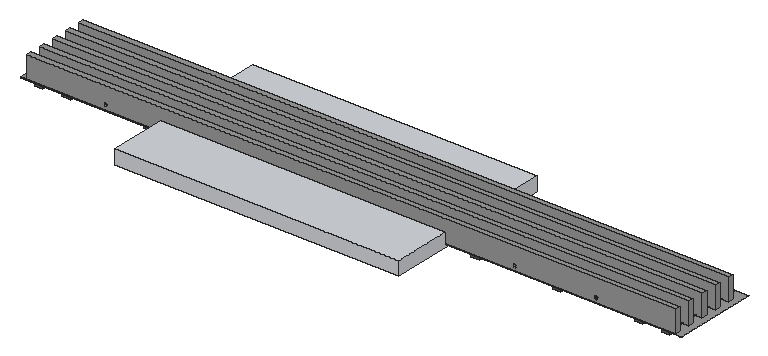
Revit family "1414-5, Veneer", category Generic Models, host Face, Revit 2020
Family settings
  Host = Face
  Can host rebar = No
  Round Connector Dimension = Use Diameter
  Part Type = Normal
  Cut with Voids When Loaded = No
  Shared = No
  Room Calculation Point = No
Parameters
  min_value [instance] = 2' - 4"  # constant formula
  max_value [instance] = 9' - 11 1/4"  # constant formula
  actual_value [instance] = if(NET LENGTH < min_value, min_value, if(NET LENGTH > max_value, max_value, NET LENGTH))  # 7' - 11 1/4"
  SCRIM MATERIAL [instance] = SCRIM
  SCRIM APPEARANCE [instance] = yes
  NET LENGTH [instance] = 7' - 11 1/4"
  IMPORTANT NOTE!!!                                                                             *Backer & dowel layout is for visualization purposes only, final layout to be determined by 9Wood. [instance] = ""
  Default Elevation = 4' - 0"
  DOWEL RADIUS [instance] = 0' - 0 1/4"  # constant formula
  BACKER & DOWEL MATERIAL [instance] = BLACK-BACKERS
  .. MEMBER WIDTH [instance] = 0' - 0 3/4"  # constant formula
  .. MEMBER MATERIAL [instance] = Veneer Cherry
  .. MEMBER DEPTH [instance] = 0' - 3 1/4"  # constant formula
  .. MEMBER COUNT [instance] = 5  # constant formula
Reference planes (in)
  plane 1 "Center (Front/Back)": y = 0
  plane 2: z = 0
  plane 3 "Center (Left/Right)": x = 0
Forms (in)
  Extrusion 1, solid
    sketch origin (0, 0, 0) x (1, 0, 0) y (0, 1, 0)
      loop
        line (-24.24823, 14.63962) -> (-24.24823, -10.69266) -> (17.36192, -10.69266) -> (17.36192, 14.63962) -> (-24.24823, 14.63962)
    from 0 to 2.0625
Dimensions and locks (in)
  aligned and locked: plane 2 to Extrusion 1
Nested families (in)
  nested 1: "1400 series" at (-44.01308, -2.1224, 0.00189), NET LENGTH <- "actual_value", .. MEMBER DEPTH <- ".. MEMBER DEPTH", .. MEMBER WIDTH <- ".. MEMBER WIDTH", DOWEL RADIUS <- "DOWEL RADIUS", BACKER & DOWEL MATERIAL <- "BACKER & DOWEL MATERIAL", .. MEMBER MATERIAL <- ".. MEMBER MATERIAL", SCRIM MATERIAL <- "SCRIM MATERIAL", MEMBER COUNT <- ".. MEMBER COUNT", SCRIM APPEARANCE <- "SCRIM APPEARANCE", type "1400 series"
    with X 7' - 8", SCRIM MATERIAL SCRIM, SCRIM LENGTH 8' - 1", SCRIM APPEARANCE yes, SCRIM 2 0' - 0 7/8", SCRIM 1 0' - 0 3/32", OC TYP 1' - 0", NET LENGTH 7' - 11 1/4", N 8, MEMBER COUNT 5, INSET 2 0' - 0 3/16", INSET 0' - 1", HALF MEMBER WIDTH 0' - 0 3/8", END BACKER yes, DOWEL RADIUS 0' - 0 1/4", DOWEL INDEX 0' - 11 5/8", DOWEL COUNT 7, BACKING M COUNT 8, BACKER WIDTH 0' - 1 1/4", BACKER INDEX 0' - 5 5/8", BACKER DEPTH 0' - 0 1/2", BACKER & DOWEL MATERIAL BLACK-BACKERS, BACKER &  DOWEL LENGTH 0' - 11 7/8", .. MEMBER WIDTH 0' - 0 3/4", .. MEMBER OC TYP 0' - 2.4", .. MEMBER MATERIAL Veneer Cherry, .. MEMBER DEPTH 0' - 3 1/4"
Definition of nested family "1400 series"
  Parameters (values of type "1400 series")
    X [instance] = NET LENGTH - 0' 3 1/4"  # 7' - 2"
    SCRIM MATERIAL [instance] = none
    SCRIM APPEARANCE [instance] = yes
    SCRIM 2 [instance] = 0' - 0 7/8"  # constant formula
    SCRIM 1 [instance] = 0' - 0 3/32"  # constant formula
    OC TYP [instance] = 1' - 0"  # constant formula
    N [instance] = if((X - (rounddown(X / 1' 0") * 1' 0")) > 1' 0", rounddown(X / 1' 0") + 2, rounddown(X / 1' 0") + 1)  # 8
    MEMBER COUNT [instance] = 2
    INSET 5 = 0' - 0 11/16"  # constant formula
    INSET 2 [instance] = 0' - 0 3/16"  # constant formula
    INSET [instance] = 0' - 1"  # constant formula
    END BACKER [instance] = BACKER INDEX > 0' 3 5/8"  # no
    HALF MEMBER WIDTH [instance] = .. MEMBER WIDTH / 2  # 0' - 1 1/8"
    Default Elevation = 0' - 0"
    DOWEL RADIUS [instance] = 0' - 0 1/4"
    DOWEL INDEX [instance] = BACKER INDEX + 0' 6"  # 0' - 8 5/8"
    DOWEL COUNT [instance] = N - 1  # 7
    BACKER WIDTH [instance] = 0' - 1 1/4"  # constant formula
    BACKER INDEX [instance] = (NET LENGTH - ((N - 1) * 1' 0")) / 2  # 0' - 2 5/8"
    BACKER DEPTH [instance] = 0' - 0 1/2"  # constant formula
    BACKING M COUNT [instance] = N  # 8
    BACKER & DOWEL MATERIAL [instance] = none
    BACKER &  DOWEL LENGTH [instance] = 0' - 11 7/8"  # constant formula
    SCRIM LENGTH [instance] = NET LENGTH + (SCRIM 2 * 2)  # 7' - 7"
    .. MEMBER WIDTH [instance] = 0' - 2 1/4"
    .. MEMBER OC TYP [instance] = 1' 0" / MEMBER COUNT  # 0' - 6"
    .. MEMBER MATERIAL [instance] = none
    NET LENGTH [instance] = 7' - 5 1/4"
    .. MEMBER DEPTH [instance] = 0' - 4"
  Reference planes (in)
    plane 1 "Center (Front/Back)": y = 0
    plane 2: z = 0
    plane 3 "Center (Left/Right)": x = 0
    plane 4: x = 89.25
    plane 5: x = 1
    plane 6: x = 88.25
    plane 7: x = 2.625
    plane 8: x = 8.625
    plane 9: x = 14.625
    plane 10: x = 20.625
    plane 11: y = 0.1875
    plane 12: y = 1.125
    plane 13: y = 7.125
    plane 14: y = 12.0625
    plane 15: x = 90.125
    plane 16: x = -0.875
    plane 17: y = 12.15625
    plane 18: y = -0.09375
    plane 19: z = 2.7097
    plane 20: z = 0.49811
    plane 21: z = 0.56061
    plane 22: z = 1.24811
  Lines and regions (in)
    model lines, not visible
      curve 1: line (8.625, 0, 0.99811) -> (8.625, 0, 1.49811)
      curve 2: line (8.625, 0, 1.49811) -> (8.375, 0, 1.24811)
      curve 3: line (8.375, 0, 1.24811) -> (8.875, 0, 1.24811)
      curve 4: line (20.625, 0, 0.99811) -> (20.625, 0, 1.49811)
      curve 5: line (20.625, 0, 1.49811) -> (20.375, 0, 1.24811)
      curve 6: line (20.375, 0, 1.24811) -> (20.875, 0, 1.24811)
      curve 7: line (32.625, 0, 0.99811) -> (32.625, 0, 1.49811)
      curve 8: line (32.625, 0, 1.49811) -> (32.375, 0, 1.24811)
      curve 9: line (32.375, 0, 1.24811) -> (32.875, 0, 1.24811)
      curve 10: line (44.625, 0, 0.99811) -> (44.625, 0, 1.49811)
      curve 11: line (44.625, 0, 1.49811) -> (44.375, 0, 1.24811)
      curve 12: line (44.375, 0, 1.24811) -> (44.875, 0, 1.24811)
      curve 13: line (56.625, 0, 0.99811) -> (56.625, 0, 1.49811)
      curve 14: line (56.625, 0, 1.49811) -> (56.375, 0, 1.24811)
      curve 15: line (56.375, 0, 1.24811) -> (56.875, 0, 1.24811)
      curve 16: line (68.625, 0, 0.99811) -> (68.625, 0, 1.49811)
      curve 17: line (68.625, 0, 1.49811) -> (68.375, 0, 1.24811)
      curve 18: line (68.375, 0, 1.24811) -> (68.875, 0, 1.24811)
      curve 19: line (80.625, 0, 0.99811) -> (80.625, 0, 1.49811)
      curve 20: line (80.625, 0, 1.49811) -> (80.375, 0, 1.24811)
      curve 21: line (80.375, 0, 1.24811) -> (80.875, 0, 1.24811)
  Dimensions and locks (in)
    "INSET": plane 3 "Center (Left/Right)" to plane 5
    "NET LENGTH": plane 3 "Center (Left/Right)" to plane 4
    "INSET": plane 6 to plane 4
    "BACKER INDEX": plane 3 "Center (Left/Right)" to plane 7
    "DOWEL INDEX": plane 3 "Center (Left/Right)" to plane 8
    "OC TYP": plane 7 to plane 9
    "OC TYP": plane 8 to plane 10
    "INSET 2": plane 1 "Center (Front/Back)" to plane 11
    equal spacing: group 1, group 2, group 5, group 6, group 7, group 13, group 14, group 16  (x3)
    equal spacing: group 3, group 4, group 8, group 9, group 10, group 15, group 17  (x3)
    group 11 to group 12 = 0' - 0"  (x2)
    group 11 to group 12 = 0' - 6"
    ".. MEMBER OC TYP": plane 13 to plane 12
    "HALF MEMBER WIDTH": plane 1 "Center (Front/Back)" to plane 12
    "SCRIM 2": plane 16 to plane 3 "Center (Left/Right)"
    "SCRIM 2": plane 4 to plane 15
    "SCRIM 1": plane 18 to plane 1 "Center (Front/Back)"
    "SCRIM 1": plane 17 to plane 14
    "INSET 5": plane 22 to plane 21
    aligned and locked: level to plane 2
    aligned and locked: plane 7 to nested 2
    aligned and locked: plane 5 to nested 1
    aligned and locked: plane 9 to nested 3
    aligned and locked: nested 1 to plane 5
    aligned and locked: nested 2 to plane 11
    aligned and locked: nested 1 to plane 11
    aligned and locked: nested 3 to plane 11
    aligned and locked: nested 4 to plane 11  (x2)
    aligned and locked: plane 10 to nested 5
    aligned and locked: plane 6 to nested 12
    aligned and locked: nested 5 to plane 11
    aligned and locked: plane 11 to nested 12
    aligned and locked: plane 12 to nested 13
    aligned and locked: nested 14 to plane 13
    aligned and locked: plane 14 to nested 8
    aligned and locked: plane 16 to nested 15
    aligned and locked: nested 15 to plane 18
    aligned and locked: nested 15 to plane 17
    aligned and locked: nested 15 to plane 16  (x2)
    aligned and locked: nested 1 to level
    aligned and locked: level to nested 3
    aligned and locked: plane 20 to nested 2
    aligned and locked: plane 20 to nested 1
    aligned and locked: plane 20 to nested 3
    aligned and locked: nested 12 to plane 20
    aligned and locked: nested 15 to plane 20
    aligned and locked: plane 21 to nested 15
    aligned and locked: nested 13 to plane 21
    aligned and locked: plane 22 to nested 4
    aligned and locked: plane 22 to nested 5
    aligned and locked: nested 13 to plane 8
    aligned and locked: plane 10 to nested 13
    aligned and locked: curve 1 to nested 13
    aligned and locked: nested 13 to curve 4
  Automatic sketch dimensions
    curve 3 to curve 1 = 0' - 0 1/4"  (x2)
    curve 1 to curve 3 = 0' - 0 1/4"
    curve 1 to curve 2 = 0' - 0 1/4"
    curve 6 to curve 4 = 0' - 0 1/4"  (x2)
    curve 4 to curve 6 = 0' - 0 1/4"
    curve 4 to curve 5 = 0' - 0 1/4"
    curve 9 to curve 7 = 0' - 0 1/4"  (x2)
    curve 7 to curve 9 = 0' - 0 1/4"
    curve 7 to curve 8 = 0' - 0 1/4"
    curve 12 to curve 10 = 0' - 0 1/4"  (x2)
    curve 10 to curve 12 = 0' - 0 1/4"
    curve 10 to curve 11 = 0' - 0 1/4"
    curve 15 to curve 13 = 0' - 0 1/4"  (x2)
    curve 13 to curve 15 = 0' - 0 1/4"
    curve 13 to curve 14 = 0' - 0 1/4"
    curve 18 to curve 16 = 0' - 0 1/4"  (x2)
    curve 16 to curve 18 = 0' - 0 1/4"
    curve 16 to curve 17 = 0' - 0 1/4"
    curve 21 to curve 19 = 0' - 0 1/4"  (x2)
    curve 19 to curve 21 = 0' - 0 1/4"
    curve 19 to curve 20 = 0' - 0 1/4"
  Nested families (in)
    nested 1: "INSTANCE - 3RD -  EXTEND BOTH SIDES - Parametric Cube.0001" at (1, 0.1875, 0.49811), Length <- "BACKER &  DOWEL LENGTH", Width <- "BACKER WIDTH", Height <- "BACKER DEPTH", Material <- "BACKER & DOWEL MATERIAL", visible <- "END BACKER", type "INSTANCE - 3RD -  EXTEND BOTH SIDES - Parametric Cube.0001"
      with Width 0' - 1 1/4", Material none, Length 0' - 11 7/8", Height 0' - 0 1/2"
    nested 2: "INSTANCE - 2ND -  EXTEND SIDE H CENTER W - Parametric Cube.0001" at (2.625, 0.1875, 0.49811), Width <- "BACKER WIDTH", Length <- "BACKER &  DOWEL LENGTH", Height <- "BACKER DEPTH", Material <- "BACKER & DOWEL MATERIAL", type "INSTANCE - 2ND -  EXTEND SIDE H CENTER W - Parametric Cube.0001"
      with Width 0' - 1 1/4", Material none, Length 0' - 11 7/8", Height 0' - 0 1/2"
    nested 3: "INSTANCE - 2ND -  EXTEND SIDE H CENTER W - Parametric Cube.0001" at (14.625, 0.1875, 0.49811), Width <- "BACKER WIDTH", Length <- "BACKER &  DOWEL LENGTH", Height <- "BACKER DEPTH", Material <- "BACKER & DOWEL MATERIAL", type "INSTANCE - 2ND -  EXTEND SIDE H CENTER W - Parametric Cube.0001"
      with Width 0' - 1 1/4", Material none, Length 0' - 11 7/8", Height 0' - 0 1/2"
    nested 4: "DOWEL" at (-1.375, 0.1875, 1.24811), DOWEL LENGTH <- "BACKER &  DOWEL LENGTH", DOWEL RADII <- "DOWEL RADIUS", BACKING MEM MATERIAL <- "BACKER & DOWEL MATERIAL", type "DOWEL"
      with DOWEL RADII 0' - 0 1/4", DOWEL LENGTH 0' - 11 7/8", BACKING MEM MATERIAL none
    nested 5: "DOWEL" at (10.625, 0.1875, 1.24811), DOWEL LENGTH <- "BACKER &  DOWEL LENGTH", DOWEL RADII <- "DOWEL RADIUS", BACKING MEM MATERIAL <- "BACKER & DOWEL MATERIAL", type "DOWEL"
      with DOWEL RADII 0' - 0 1/4", DOWEL LENGTH 0' - 11 7/8", BACKING MEM MATERIAL none
    nested 6: "INSTANCE - 2ND -  EXTEND SIDE H CENTER W - Parametric Cube.0001" at (26.625, 0.1875, 0.49811), Width <- "BACKER WIDTH", Length <- "BACKER &  DOWEL LENGTH", Height <- "BACKER DEPTH", Material <- "BACKER & DOWEL MATERIAL", type "INSTANCE - 2ND -  EXTEND SIDE H CENTER W - Parametric Cube.0001"
      with Width 0' - 1 1/4", Material none, Length 0' - 11 7/8", Height 0' - 0 1/2"
    nested 7: "INSTANCE - 2ND -  EXTEND SIDE H CENTER W - Parametric Cube.0001" at (38.625, 0.1875, 0.49811), Width <- "BACKER WIDTH", Length <- "BACKER &  DOWEL LENGTH", Height <- "BACKER DEPTH", Material <- "BACKER & DOWEL MATERIAL", type "INSTANCE - 2ND -  EXTEND SIDE H CENTER W - Parametric Cube.0001"
      with Width 0' - 1 1/4", Material none, Length 0' - 11 7/8", Height 0' - 0 1/2"
    nested 8: "INSTANCE - 2ND -  EXTEND SIDE H CENTER W - Parametric Cube.0001" at (50.625, 0.1875, 0.49811), Width <- "BACKER WIDTH", Length <- "BACKER &  DOWEL LENGTH", Height <- "BACKER DEPTH", Material <- "BACKER & DOWEL MATERIAL", type "INSTANCE - 2ND -  EXTEND SIDE H CENTER W - Parametric Cube.0001"
      with Width 0' - 1 1/4", Material none, Length 0' - 11 7/8", Height 0' - 0 1/2"
    nested 9: "DOWEL" at (22.625, 0.1875, 1.24811), DOWEL LENGTH <- "BACKER &  DOWEL LENGTH", DOWEL RADII <- "DOWEL RADIUS", BACKING MEM MATERIAL <- "BACKER & DOWEL MATERIAL", type "DOWEL"
      with DOWEL RADII 0' - 0 1/4", DOWEL LENGTH 0' - 11 7/8", BACKING MEM MATERIAL none
    nested 10: "DOWEL" at (34.625, 0.1875, 1.24811), DOWEL LENGTH <- "BACKER &  DOWEL LENGTH", DOWEL RADII <- "DOWEL RADIUS", BACKING MEM MATERIAL <- "BACKER & DOWEL MATERIAL", type "DOWEL"
      with DOWEL RADII 0' - 0 1/4", DOWEL LENGTH 0' - 11 7/8", BACKING MEM MATERIAL none
    nested 11: "DOWEL" at (46.625, 0.1875, 1.24811), DOWEL LENGTH <- "BACKER &  DOWEL LENGTH", DOWEL RADII <- "DOWEL RADIUS", BACKING MEM MATERIAL <- "BACKER & DOWEL MATERIAL", type "DOWEL"
      with DOWEL RADII 0' - 0 1/4", DOWEL LENGTH 0' - 11 7/8", BACKING MEM MATERIAL none
    nested 12: "INSTANCE - 3RD -  EXTEND BOTH SIDES - Parametric Cube.0001" at (88.25, 0.1875, 0.49811) x (-1, 0, 0) z (0, 0, 1), Width <- "BACKER WIDTH", Length <- "BACKER &  DOWEL LENGTH", Height <- "BACKER DEPTH", Material <- "BACKER & DOWEL MATERIAL", visible <- "END BACKER", type "INSTANCE - 3RD -  EXTEND BOTH SIDES - Parametric Cube.0001"
      with Width 0' - 1 1/4", Material none, Length 0' - 11 7/8", Height 0' - 0 1/2"
    nested 13: "HOLED MEMBER" at (0, -9.75, 8.12965), DOWEL INDEX <- "DOWEL INDEX", .. MEMBER LENGTH <- "NET LENGTH", .. MEMBER WIDTH <- ".. MEMBER WIDTH", DOWEL OC DIST <- "OC TYP", DOWEL RADII <- "DOWEL RADIUS", Material <- ".. MEMBER MATERIAL", DEPTH <- ".. MEMBER DEPTH", DOWEL COUNT <- "DOWEL COUNT", Space <- "INSET 5", type "HOLED MEMBER"
      with Space 0' - 0 11/16", Material none, Height 0' - 10.43096", HALF MEMBER WIDTH 0' - 1 1/8", DOWEL RADII 0' - 0 1/4", DOWEL OC DIST 1' - 0", DOWEL INDEX 0' - 8 5/8", DOWEL COUNT 7, DEPTH 0' - 4", .. MEMBER WIDTH 0' - 2 1/4", .. MEMBER LENGTH 7' - 5 1/4"
    nested 14: "HOLED MEMBER" at (0, -3.75, 8.12965), DOWEL INDEX <- "DOWEL INDEX", .. MEMBER LENGTH <- "NET LENGTH", .. MEMBER WIDTH <- ".. MEMBER WIDTH", DOWEL OC DIST <- "OC TYP", DOWEL RADII <- "DOWEL RADIUS", Material <- ".. MEMBER MATERIAL", DEPTH <- ".. MEMBER DEPTH", DOWEL COUNT <- "DOWEL COUNT", Space <- "INSET 5", type "HOLED MEMBER"
      with Space 0' - 0 11/16", Material none, Height 0' - 10.43096", HALF MEMBER WIDTH 0' - 1 1/8", DOWEL RADII 0' - 0 1/4", DOWEL OC DIST 1' - 0", DOWEL INDEX 0' - 8 5/8", DOWEL COUNT 7, DEPTH 0' - 4", .. MEMBER WIDTH 0' - 2 1/4", .. MEMBER LENGTH 7' - 5 1/4"
    nested 15: "INSTANCE - 3RD -  EXTEND BOTH SIDES - Parametric Cube.0001" at (-0.875, -0.09375, 0.56061), Width <- "SCRIM LENGTH", Material <- "SCRIM MATERIAL", visible <- "SCRIM APPEARANCE", type "INSTANCE - 3RD -  EXTEND BOTH SIDES - Parametric Cube.0001"
      with Width 7' - 7", Material none, Length 1' - 0 1/4", Height 0' - 0 1/16"
    nested 16: "INSTANCE - 2ND -  EXTEND SIDE H CENTER W - Parametric Cube.0001" at (62.625, 0.1875, 0.49811), Width <- "BACKER WIDTH", Length <- "BACKER &  DOWEL LENGTH", Height <- "BACKER DEPTH", Material <- "BACKER & DOWEL MATERIAL", type "INSTANCE - 2ND -  EXTEND SIDE H CENTER W - Parametric Cube.0001"
      with Width 0' - 1 1/4", Material none, Length 0' - 11 7/8", Height 0' - 0 1/2"
    nested 17: "INSTANCE - 2ND -  EXTEND SIDE H CENTER W - Parametric Cube.0001" at (74.625, 0.1875, 0.49811), Width <- "BACKER WIDTH", Length <- "BACKER &  DOWEL LENGTH", Height <- "BACKER DEPTH", Material <- "BACKER & DOWEL MATERIAL", type "INSTANCE - 2ND -  EXTEND SIDE H CENTER W - Parametric Cube.0001"
      with Width 0' - 1 1/4", Material none, Length 0' - 11 7/8", Height 0' - 0 1/2"
    nested 18: "DOWEL" at (58.625, 0.1875, 1.24811), DOWEL LENGTH <- "BACKER &  DOWEL LENGTH", DOWEL RADII <- "DOWEL RADIUS", BACKING MEM MATERIAL <- "BACKER & DOWEL MATERIAL", type "DOWEL"
      with DOWEL RADII 0' - 0 1/4", DOWEL LENGTH 0' - 11 7/8", BACKING MEM MATERIAL none
    nested 19: "INSTANCE - 2ND -  EXTEND SIDE H CENTER W - Parametric Cube.0001" at (86.625, 0.1875, 0.49811), Width <- "BACKER WIDTH", Length <- "BACKER &  DOWEL LENGTH", Height <- "BACKER DEPTH", Material <- "BACKER & DOWEL MATERIAL", type "INSTANCE - 2ND -  EXTEND SIDE H CENTER W - Parametric Cube.0001"
      with Width 0' - 1 1/4", Material none, Length 0' - 11 7/8", Height 0' - 0 1/2"
    nested 20: "DOWEL" at (70.625, 0.1875, 1.24811), DOWEL LENGTH <- "BACKER &  DOWEL LENGTH", DOWEL RADII <- "DOWEL RADIUS", BACKING MEM MATERIAL <- "BACKER & DOWEL MATERIAL", type "DOWEL"
      with DOWEL RADII 0' - 0 1/4", DOWEL LENGTH 0' - 11 7/8", BACKING MEM MATERIAL none
  Definition of nested family "INSTANCE - 3RD -  EXTEND BOTH SIDES - Parametric Cube.0001"
    Parameters (values of type "INSTANCE - 3RD -  EXTEND BOTH SIDES - Parametric Cube.0001")
      Width [instance] = 0' - 6"
      Material [instance] = none
      Length [instance] = 1' - 0"
      Height [instance] = 1' - 6"
      Default Elevation = 0' - 0"
    Reference planes (in)
      plane 1 "Center (Front/Back)": y = 0
      plane 2: z = 0
      plane 3 "Center (Left/Right)": x = 0
      plane 4: x = 6
      plane 5: y = 12
      plane 6: z = -18
    Forms (in)
      Extrusion 1, solid, material <- "Material"
        sketch origin (0, 6, 0) x (1, 0, 0) y (0, 1, 0)
          loop
            line (0, 6) -> (0, -6) -> (6, -6) -> (6, 6) -> (0, 6)
        from -18 to 0
    Dimensions and locks (in)
      "Height": plane 6 to level
      "Length": plane 1 "Center (Front/Back)" to plane 5
      "Width": plane 3 "Center (Left/Right)" to plane 4
      aligned and locked: plane 2 to level
      aligned and locked: Extrusion 1 sketch curve to plane 4
      aligned and locked: Extrusion 1 to plane 6
      aligned and locked: plane 5 to Extrusion 1
      aligned and locked: Extrusion 1 to plane 3 "Center (Left/Right)"
    Automatic sketch dimensions
      plane 1 "Center (Front/Back)" to Extrusion 1 sketch curve = 0' - 0"
      plane 5 to Extrusion 1 sketch curve = 0' - 0"
      Extrusion 1 sketch curve to plane 3 "Center (Left/Right)" = 0' - 0"
  Definition of nested family "INSTANCE - 2ND -  EXTEND SIDE H CENTER W - Parametric Cube.0001"
    Parameters (values of type "INSTANCE - 2ND -  EXTEND SIDE H CENTER W - Parametric Cube.0001")
      Width [instance] = 0' - 6"
      Material [instance] = none
      Length [instance] = 1' - 0"
      Height [instance] = 1' - 6"
      Default Elevation = 0' - 0"
    Reference planes (in)
      plane 1 "Center (Front/Back)": y = 0
      plane 2: z = 0
      plane 3 "Center (Left/Right)": x = 0
      plane 4: x = -3
      plane 5: x = 3
      plane 6: y = 12
      plane 7: z = -18
    Forms (in)
      Extrusion 1, solid, material <- "Material"
        sketch origin (0, 6, 0) x (1, 0, 0) y (0, 1, 0)
          loop
            line (-3, 6) -> (-3, -6) -> (3, -6) -> (3, 6) -> (-3, 6)
        from -18 to 0
    Dimensions and locks (in)
      equal spacing: plane 4, plane 3 "Center (Left/Right)", plane 5
      "Width": plane 4 to plane 5
      "Height": plane 7 to level
      "Length": plane 1 "Center (Front/Back)" to plane 6
      aligned and locked: plane 2 to level
      aligned and locked: plane 4 to Extrusion 1 sketch curve
      aligned and locked: Extrusion 1 sketch curve to plane 5
      aligned and locked: Extrusion 1 to plane 7
      aligned and locked: plane 6 to Extrusion 1
    Automatic sketch dimensions
      plane 1 "Center (Front/Back)" to Extrusion 1 sketch curve = 0' - 0"
      plane 6 to Extrusion 1 sketch curve = 0' - 0"
  Definition of nested family "DOWEL"
    Parameters (values of type "DOWEL")
      Default Elevation = 0' - 0"
      DOWEL RADII [instance] = 0' - 0 5/8"
      DOWEL LENGTH [instance] = 1' - 0"
      BACKING MEM MATERIAL [instance] = none
    Reference planes (in)
      plane 1 "Center (Front/Back)": y = 0
      plane 2: z = 0
      plane 3 "Center (Left/Right)": x = 0
      plane 4: y = 12
    Forms (in)
      Extrusion 1, solid, material <- "BACKING MEM MATERIAL"
        sketch origin (10, 0, 0) x (1, 0, 0) y (0, 0, 1)
          loop
            circle (0, 0) r 0.625
        from 0 to -12
      Extrusion 2, solid, not visible
        sketch origin (0, 0, 0) x (1, 0, 0) y (0, 0, 1)
          loop
            circle (0, 0) r 0.625
        from 0 to 12
      Extrusion 3, solid, not visible
        sketch origin (10, 0, 0) x (1, 0, 0) y (0, 0, 1)
          loop
            circle (0, 0) r 0.625
        from 0 to 2.5
      Extrusion 4, solid, not visible
        sketch origin (10, 0, 0) x (1, 0, 0) y (0, 0, 1)
          loop
            circle (0, 0) r 0.625
        from 0 to -12
    Lines and regions (in)
      model lines, not visible
        curve 1: line (-13, 0, 0) -> (-13, -12, 0)
        curve 2: line (13, 0, 0) -> (13, -12, 0)
        curve 3: line (9.89453, 0, 0) -> (10.08794, 0, 0)
        curve 4: line (9.89453, -2.5, 0) -> (10.08794, -2.5, 0)
        curve 6: line (10, 0, 0) -> (10, 2, 0)
      model lines
        curve 5: line (10, 0, 0) -> (10, 2, 0)
    Dimensions and locks (in)
      "DOWEL LENGTH": plane 1 "Center (Front/Back)" to plane 4
      "DOWEL RADII": radius of Extrusion 1 sketch curve
      "DOWEL RADII": radius of Extrusion 2 sketch curve
      "DOWEL RADII": radius of Extrusion 3 sketch curve
      "DOWEL RADII": radius of Extrusion 4 sketch curve
      "DOWEL RADII": radius of Extrusion 1
      aligned and locked: plane 2 to level
      aligned and locked: Extrusion 1 to plane 1 "Center (Front/Back)"  (x3)
      aligned and locked: plane 1 "Center (Front/Back)" to Extrusion 1
      aligned and locked: plane 4 to Extrusion 1
    Automatic sketch dimensions
      plane 1 "Center (Front/Back)" to curve 5 = 0' - 0"
      curve 5 to plane 1 "Center (Front/Back)" = 0' - 2"
      plane 3 "Center (Left/Right)" to curve 5 = 0' - 10"
      Extrusion 1 sketch curve to level = 0' - 0"
      plane 3 "Center (Left/Right)" to Extrusion 1 sketch curve = 0' - 10"
  Definition of nested family "HOLED MEMBER"
    Parameters (values of type "HOLED MEMBER")
      Space [instance] = 0' - 0 5/8"
      Material [instance] = none
      Height [instance] = 0' - 10.43096"
      HALF MEMBER WIDTH [instance] = .. MEMBER WIDTH / 2  # 0' - 0 5/16"
      Default Elevation = 0' - 0"
      DOWEL RADII [instance] = 0' - 0.34537"
      DOWEL OC DIST [instance] = 1' - 0"
      DOWEL INSET = 0' - 0 5/8"
      DOWEL INDEX [instance] = 0' - 5 5/8"
      DOWEL COUNT [instance] = 6
      DEPTH [instance] = 0' - 2"
      .. MEMBER WIDTH [instance] = 0' - 0 5/8"
      .. MEMBER LENGTH [instance] = 5' - 11 3/4"
    Reference planes (in)
      plane 1 "Center (Front/Back)": y = 12
      plane 2: z = -7.56904
      plane 3 "Center (Left/Right)": x = 0
      plane 4: x = 5.625
      plane 5: x = 17.625
      plane 6: y = 11.375
      plane 7: x = 71.75
      plane 8: y = 11.6875
      plane 9: z = -6.94404
      plane 10: z = -5.56904
    Forms (in)
      Extrusion 1, solid, material <- "Material"
        sketch origin (0, 12, -13.56904) x (1, 0, 0) y (0, 0, 1)
          loop
            line (0, 6) -> (71.75, 6) -> (71.75, 8) -> (0, 8) -> (0, 6)
        from 0.625 to 0
      Extrusion 2, void
        sketch origin (0, 12, -18.31904) x (1, 0, 0) y (0, 0, 1)
          loop
            circle (5.625, 11.375) r 0.34537
        from 0 to 12
      Extrusion 3, void, not visible
        sketch origin (0, 0, 0) x (1, 0, 0) y (0, 1, 0)
          loop
            circle (5.625, 11.375) r 0.34537
        from 0 to 12
      Extrusion 4, void, not visible
        sketch origin (0, 0, 0) x (1, 0, 0) y (0, 1, 0)
          loop
            circle (5.625, 11.375) r 0.34537
        from 0 to 12
      Extrusion 5, void, not visible
        sketch origin (12, 0, 0) x (1, 0, 0) y (0, 1, 0)
          loop
            circle (5.625, 11.375) r 0.34537
        from 0 to 12
      Extrusion 6, void, not visible
        sketch origin (0, 12, -17.56904) x (1, 0, 0) y (0, 0, 1)
          loop
            circle (5.625, 11.375) r 0.34537
        from 0 to 12
      Extrusion 7, void, not visible
        sketch origin (12, 12, -17.56904) x (1, 0, 0) y (0, 0, 1)
          loop
            circle (5.625, 11.375) r 0.34537
        from 0 to 12
      Extrusion 8, void, not visible
        sketch origin (0, 12, -19.56904) x (1, 0, 0) y (0, 0, 1)
          loop
            circle (5.625, 11.375) r 0.34537
        from 0 to 12
      Extrusion 9, void
        sketch origin (12, 12, -18.31904) x (1, 0, 0) y (0, 0, 1)
          loop
            circle (5.625, 11.375) r 0.34537
        from 0 to 12
      Extrusion 10, void
        sketch origin (24, 12, -18.31904) x (1, 0, 0) y (0, 0, 1)
          loop
            circle (5.625, 11.375) r 0.34537
        from 0 to 12
      Extrusion 11, void
        sketch origin (36, 12, -18.31904) x (1, 0, 0) y (0, 0, 1)
          loop
            circle (5.625, 11.375) r 0.34537
        from 0 to 12
      Extrusion 12, void
        sketch origin (48, 12, -18.31904) x (1, 0, 0) y (0, 0, 1)
          loop
            circle (5.625, 11.375) r 0.34537
        from 0 to 12
      Extrusion 13, void
        sketch origin (60, 12, -18.31904) x (1, 0, 0) y (0, 0, 1)
          loop
            circle (5.625, 11.375) r 0.34537
        from 0 to 12
      Extrusion 14, void, not visible
        sketch origin (24, 12, -17.56904) x (1, 0, 0) y (0, 0, 1)
          loop
            circle (5.625, 11.375) r 0.34537
        from 0 to 12
      Extrusion 15, void, not visible
        sketch origin (36, 12, -17.56904) x (1, 0, 0) y (0, 0, 1)
          loop
            circle (5.625, 11.375) r 0.34537
        from 0 to 12
      Extrusion 16, void, not visible
        sketch origin (48, 12, -17.56904) x (1, 0, 0) y (0, 0, 1)
          loop
            circle (5.625, 11.375) r 0.34537
        from 0 to 12
      Extrusion 17, void, not visible
        sketch origin (60, 12, -17.56904) x (1, 0, 0) y (0, 0, 1)
          loop
            circle (5.625, 11.375) r 0.34537
        from 0 to 12
      Extrusion 18, void, not visible
        sketch origin (24, 0, 0) x (1, 0, 0) y (0, 1, 0)
          loop
            circle (5.625, 11.375) r 0.34537
        from 0 to 12
      Extrusion 19, void, not visible
        sketch origin (36, 0, 0) x (1, 0, 0) y (0, 1, 0)
          loop
            circle (5.625, 11.375) r 0.34537
        from 0 to 12
      Extrusion 20, void, not visible
        sketch origin (48, 0, 0) x (1, 0, 0) y (0, 1, 0)
          loop
            circle (5.625, 11.375) r 0.34537
        from 0 to 12
      Extrusion 21, void, not visible
        sketch origin (60, 0, 0) x (1, 0, 0) y (0, 1, 0)
          loop
            circle (5.625, 11.375) r 0.34537
        from 0 to 12
    Cuts and joins
      Extrusion 2, Extrusion 9, Extrusion 10, Extrusion 11, Extrusion 12, Extrusion 13 cuts Extrusion 1
    Lines and regions (in)
      model lines, not visible
        curve 1: line (5.625, 11.72037, 0) -> (5.625, 11.02963, 0)
        curve 2: line (5.625, 11.72037, 0) -> (5.625, 11.02963, 0)
        curve 3: line (17.625, 11.72037, 0) -> (17.625, 11.02963, 0)
        curve 4: line (5.625, 12, -7.56904) -> (5.625, 11.87317, -7.56904)
        curve 5: line (5.625, 11.87317, -7.56904) -> (5.06195, 11.87317, -7.56904)
        curve 6: line (5.06195, 11.87317, -7.56904) -> (5.27963, 11.375, -7.56904)
        curve 7: line (0, 12, -6.19404) -> (0, 11.61951, -6.19404)
        curve 9: line (0, 11.375, -8.19404) -> (0, 11.6747, -8.19404)
        curve 10: line (5.625, 12, -7.56904) -> (5.625, 11.69863, -7.56904)
        curve 11: line (5.625, 12, -7.56904) -> (5.625, 11.69863, -7.56904)
        curve 12: line (5.625, 10.75, 0) -> (5.625, 10.75, 0.30137)
        curve 13: line (5.625, 10.75, 0) -> (5.625, 10.75, 0.30137)
        curve 14: line (17.625, 10.75, 0) -> (17.625, 10.75, 0.30137)
        curve 15: line (5.625, 12, -6.81904) -> (5.625, 11.69863, -6.81904)
        curve 16: line (17.625, 12, -6.81904) -> (17.625, 11.69863, -6.81904)
        curve 17: line (5.625, 12, -8.81904) -> (5.625, 11.69863, -8.81904)
        curve 18: line (17.625, 12, -7.56904) -> (17.625, 11.69863, -7.56904)
        curve 19: line (29.625, 12, -7.56904) -> (29.625, 11.69863, -7.56904)
        curve 20: line (41.625, 12, -7.56904) -> (41.625, 11.69863, -7.56904)
        curve 21: line (53.625, 12, -7.56904) -> (53.625, 11.69863, -7.56904)
        curve 22: line (65.625, 12, -7.56904) -> (65.625, 11.69863, -7.56904)
        curve 23: line (29.625, 12, -6.81904) -> (29.625, 11.69863, -6.81904)
        curve 24: line (41.625, 12, -6.81904) -> (41.625, 11.69863, -6.81904)
        curve 25: line (53.625, 12, -6.81904) -> (53.625, 11.69863, -6.81904)
        curve 26: line (65.625, 12, -6.81904) -> (65.625, 11.69863, -6.81904)
        curve 27: line (29.625, 11.72037, 0) -> (29.625, 11.02963, 0)
        curve 28: line (29.625, 10.75, 0) -> (29.625, 10.75, 0.30137)
        curve 29: line (41.625, 11.72037, 0) -> (41.625, 11.02963, 0)
        curve 30: line (41.625, 10.75, 0) -> (41.625, 10.75, 0.30137)
        curve 31: line (53.625, 11.72037, 0) -> (53.625, 11.02963, 0)
        curve 32: line (53.625, 10.75, 0) -> (53.625, 10.75, 0.30137)
        curve 33: line (65.625, 11.72037, 0) -> (65.625, 11.02963, 0)
        curve 34: line (65.625, 10.75, 0) -> (65.625, 10.75, 0.30137)
        curve 35: line (5.27963, 12, -6.94404) -> (5.97037, 12, -6.94404)
        curve 36: line (5.97037, 12, -6.94404) -> (5.625, 12, -6.59867)
        curve 37: line (5.625, 12, -6.59867) -> (5.625, 12, -7.28941)
        curve 38: line (5.27963, 11.375, 0) -> (5.97037, 11.375, 0)
        curve 39: line (5.97037, 11.375, 0) -> (5.625, 11.72037, 0)
        curve 40: line (5.625, 11.72037, 0) -> (5.625, 11.02963, 0)
        curve 41: line (5.27963, 11.375, 0) -> (5.97037, 11.375, 0)
        curve 42: line (5.97037, 11.375, 0) -> (5.625, 11.72037, 0)
        curve 43: line (5.625, 11.72037, 0) -> (5.625, 11.02963, 0)
        curve 44: line (17.27963, 11.375, 0) -> (17.97037, 11.375, 0)
        curve 45: line (17.97037, 11.375, 0) -> (17.625, 11.72037, 0)
        curve 46: line (17.625, 11.72037, 0) -> (17.625, 11.02963, 0)
        curve 47: line (5.27963, 12, -6.19404) -> (5.97037, 12, -6.19404)
        curve 48: line (5.97037, 12, -6.19404) -> (5.625, 12, -5.84867)
        curve 49: line (5.625, 12, -5.84867) -> (5.625, 12, -6.53941)
        curve 50: line (17.27963, 12, -6.19404) -> (17.97037, 12, -6.19404)
        curve 51: line (17.97037, 12, -6.19404) -> (17.625, 12, -5.84867)
        curve 52: line (17.625, 12, -5.84867) -> (17.625, 12, -6.53941)
        curve 53: line (5.27963, 12, -8.19404) -> (5.97037, 12, -8.19404)
        curve 54: line (5.97037, 12, -8.19404) -> (5.625, 12, -7.84867)
        curve 55: line (5.625, 12, -7.84867) -> (5.625, 12, -8.53941)
        curve 56: line (17.27963, 12, -6.94404) -> (17.97037, 12, -6.94404)
        curve 57: line (17.97037, 12, -6.94404) -> (17.625, 12, -6.59867)
        curve 58: line (17.625, 12, -6.59867) -> (17.625, 12, -7.28941)
        curve 59: line (29.27963, 12, -6.94404) -> (29.97037, 12, -6.94404)
        curve 60: line (29.97037, 12, -6.94404) -> (29.625, 12, -6.59867)
        curve 61: line (29.625, 12, -6.59867) -> (29.625, 12, -7.28941)
        curve 62: line (41.27963, 12, -6.94404) -> (41.97037, 12, -6.94404)
        curve 63: line (41.97037, 12, -6.94404) -> (41.625, 12, -6.59867)
        curve 64: line (41.625, 12, -6.59867) -> (41.625, 12, -7.28941)
        curve 65: line (53.27963, 12, -6.94404) -> (53.97037, 12, -6.94404)
        curve 66: line (53.97037, 12, -6.94404) -> (53.625, 12, -6.59867)
        curve 67: line (53.625, 12, -6.59867) -> (53.625, 12, -7.28941)
        curve 68: line (65.27963, 12, -6.94404) -> (65.97037, 12, -6.94404)
        curve 69: line (65.97037, 12, -6.94404) -> (65.625, 12, -6.59867)
        curve 70: line (65.625, 12, -6.59867) -> (65.625, 12, -7.28941)
        curve 71: line (29.27963, 12, -6.19404) -> (29.97037, 12, -6.19404)
        curve 72: line (29.97037, 12, -6.19404) -> (29.625, 12, -5.84867)
        curve 73: line (29.625, 12, -5.84867) -> (29.625, 12, -6.53941)
        curve 74: line (41.27963, 12, -6.19404) -> (41.97037, 12, -6.19404)
        curve 75: line (41.97037, 12, -6.19404) -> (41.625, 12, -5.84867)
        curve 76: line (41.625, 12, -5.84867) -> (41.625, 12, -6.53941)
        curve 77: line (53.27963, 12, -6.19404) -> (53.97037, 12, -6.19404)
        curve 78: line (53.97037, 12, -6.19404) -> (53.625, 12, -5.84867)
        curve 79: line (53.625, 12, -5.84867) -> (53.625, 12, -6.53941)
        curve 80: line (65.27963, 12, -6.19404) -> (65.97037, 12, -6.19404)
        curve 81: line (65.97037, 12, -6.19404) -> (65.625, 12, -5.84867)
        curve 82: line (65.625, 12, -5.84867) -> (65.625, 12, -6.53941)
        curve 83: line (29.27963, 11.375, 0) -> (29.97037, 11.375, 0)
        curve 84: line (29.97037, 11.375, 0) -> (29.625, 11.72037, 0)
        curve 85: line (29.625, 11.72037, 0) -> (29.625, 11.02963, 0)
        curve 86: line (41.27963, 11.375, 0) -> (41.97037, 11.375, 0)
        curve 87: line (41.97037, 11.375, 0) -> (41.625, 11.72037, 0)
        curve 88: line (41.625, 11.72037, 0) -> (41.625, 11.02963, 0)
        curve 89: line (53.27963, 11.375, 0) -> (53.97037, 11.375, 0)
        curve 90: line (53.97037, 11.375, 0) -> (53.625, 11.72037, 0)
        curve 91: line (53.625, 11.72037, 0) -> (53.625, 11.02963, 0)
        curve 92: line (65.27963, 11.375, 0) -> (65.97037, 11.375, 0)
        curve 93: line (65.97037, 11.375, 0) -> (65.625, 11.72037, 0)
        curve 94: line (65.625, 11.72037, 0) -> (65.625, 11.02963, 0)
      model lines
        curve 8: line (5.625, 12, -7.56904) -> (5.625, 11.69863, -7.56904)
    Dimensions and locks (in)
      "DOWEL INDEX": plane 3 "Center (Left/Right)" to plane 4
      "DOWEL OC DIST": plane 4 to plane 5
      ".. MEMBER LENGTH": plane 3 "Center (Left/Right)" to plane 7
      equal spacing: group 3, group 4, group 21, group 22, group 23, group 24  (x3)
      equal spacing: group 7, group 8, group 17, group 18, group 19, group 20  (x3)
      ".. MEMBER WIDTH": plane 6 to plane 1 "Center (Front/Back)"
      "HALF MEMBER WIDTH": plane 8 to plane 1 "Center (Front/Back)"
      equal spacing: group 1, group 12, group 13, group 14, group 15, group 16  (x2)
      equal spacing: group 16, group 15, group 14, group 13, group 12, group 1
      "DEPTH": plane 10 to level
      "Space": plane 9 to level
      "DOWEL RADII": radius of Extrusion 2 sketch curve
      "DOWEL RADII": radius of Extrusion 3 sketch curve
      "DOWEL RADII": radius of Extrusion 4 sketch curve
      "DOWEL RADII": radius of Extrusion 5 sketch curve
      "DOWEL RADII": radius of Extrusion 6 sketch curve
      "DOWEL RADII": radius of Extrusion 7 sketch curve
      "DOWEL RADII": radius of Extrusion 8 sketch curve
      "DOWEL RADII": radius of Extrusion 9 sketch curve
      "DOWEL RADII": radius of Extrusion 10 sketch curve
      "DOWEL RADII": radius of Extrusion 11 sketch curve
      "DOWEL RADII": radius of Extrusion 12 sketch curve
      "DOWEL RADII": radius of Extrusion 13 sketch curve
      "DOWEL RADII": radius of Extrusion 14 sketch curve
      "DOWEL RADII": radius of Extrusion 15 sketch curve
      "DOWEL RADII": radius of Extrusion 16 sketch curve
      "DOWEL RADII": radius of Extrusion 17 sketch curve
      "DOWEL RADII": radius of Extrusion 18 sketch curve
      "DOWEL RADII": radius of Extrusion 19 sketch curve
      "DOWEL RADII": radius of Extrusion 20 sketch curve
      "DOWEL RADII": radius of Extrusion 21 sketch curve
      aligned and locked: level to plane 2
      aligned and locked: Extrusion 1 to plane 3 "Center (Left/Right)"  (x2)
      aligned and locked: plane 7 to cut or joined group of Extrusion 1, Extrusion 2, Extrusion 9, Extrusion 10, Extrusion 11, Extrusion 12, Extrusion 13  (x2)
      aligned and locked: cut or joined group of Extrusion 1, Extrusion 2, Extrusion 9, Extrusion 10, Extrusion 11, Extrusion 12, Extrusion 13 to plane 1 "Center (Front/Back)"  (x2)
      aligned and locked: cut or joined group of Extrusion 1, Extrusion 2, Extrusion 9, Extrusion 10, Extrusion 11, Extrusion 12, Extrusion 13 to plane 6  (x2)
      aligned and locked: plane 4 to curve 11
      aligned and locked: curve 18 to plane 5
      aligned and locked: plane 4 to group 1
      aligned and locked: group 12 to plane 5
      aligned and locked: curve 35 to plane 9
      aligned and locked: plane 4 to curve 37
      aligned and locked: curve 56 to plane 9
      aligned and locked: curve 58 to plane 5
      aligned and locked: plane 10 to cut or joined group of Extrusion 1, Extrusion 2, Extrusion 9, Extrusion 10, Extrusion 11, Extrusion 12, Extrusion 13  (x2)
      aligned and locked: cut or joined group of Extrusion 1, Extrusion 2, Extrusion 9, Extrusion 10, Extrusion 11, Extrusion 12, Extrusion 13 to level
      aligned and locked: level to cut or joined group of Extrusion 1, Extrusion 2, Extrusion 9, Extrusion 10, Extrusion 11, Extrusion 12, Extrusion 13
    Automatic sketch dimensions
      curve 1 to curve 1 = 0' - 0.69074"
      curve 2 to curve 2 = 0' - 0.69074"
      curve 3 to curve 3 = 0' - 0.69074"
      Extrusion 1 sketch curve to plane 3 "Center (Left/Right)" = 0' - 0"
      Extrusion 1 sketch curve to plane 7 = 0' - 0"
      Extrusion 1 sketch curve to Extrusion 1 sketch curve = 0' - 2"
      Extrusion 1 sketch curve to level = 0' - 0"
      curve 8 to curve 8 = 0' - 0.30137"
      curve 10 to curve 10 = 0' - 0.30137"
      curve 8 to plane 4 = 0' - 0"
      plane 1 "Center (Front/Back)" to curve 8 = 0' - 0"
      plane 1 "Center (Front/Back)" to curve 8 = 0' - 0.30137"
      curve 11 to curve 11 = 0' - 0.30137"
      curve 12 to curve 12 = 0' - 0.30137"
      curve 13 to curve 13 = 0' - 0.30137"
      curve 14 to curve 14 = 0' - 0.30137"
      curve 15 to curve 15 = 0' - 0.30137"
      curve 16 to curve 16 = 0' - 0.30137"
      curve 17 to curve 17 = 0' - 0.30137"
      curve 18 to curve 18 = 0' - 0.30137"
      curve 19 to curve 19 = 0' - 0.30137"
      curve 20 to curve 20 = 0' - 0.30137"
      curve 21 to curve 21 = 0' - 0.30137"
      curve 22 to curve 22 = 0' - 0.30137"
      curve 23 to curve 23 = 0' - 0.30137"
      curve 24 to curve 24 = 0' - 0.30137"
      curve 25 to curve 25 = 0' - 0.30137"
      curve 26 to curve 26 = 0' - 0.30137"
      curve 27 to curve 27 = 0' - 0.69074"
      curve 28 to curve 28 = 0' - 0.30137"
      curve 29 to curve 29 = 0' - 0.69074"
      curve 30 to curve 30 = 0' - 0.30137"
      curve 31 to curve 31 = 0' - 0.69074"
      curve 32 to curve 32 = 0' - 0.30137"
      curve 33 to curve 33 = 0' - 0.69074"
      curve 34 to curve 34 = 0' - 0.30137"
      curve 37 to curve 35 = 0' - 0.34537"  (x2)
      curve 35 to curve 36 = 0' - 0.34537"
      curve 35 to curve 37 = 0' - 0.34537"
      curve 40 to curve 38 = 0' - 0.34537"  (x2)
      curve 38 to curve 39 = 0' - 0.34537"
      curve 38 to curve 40 = 0' - 0.34537"
      curve 43 to curve 41 = 0' - 0.34537"  (x2)
      curve 41 to curve 42 = 0' - 0.34537"
      curve 41 to curve 43 = 0' - 0.34537"
      curve 46 to curve 44 = 0' - 0.34537"  (x2)
      curve 44 to curve 45 = 0' - 0.34537"
      curve 44 to curve 46 = 0' - 0.34537"
      curve 49 to curve 47 = 0' - 0.34537"  (x2)
      curve 47 to curve 48 = 0' - 0.34537"
      curve 47 to curve 49 = 0' - 0.34537"
      curve 52 to curve 50 = 0' - 0.34537"  (x2)
      curve 50 to curve 51 = 0' - 0.34537"
      curve 50 to curve 52 = 0' - 0.34537"
      curve 55 to curve 53 = 0' - 0.34537"  (x2)
      curve 53 to curve 54 = 0' - 0.34537"
      curve 53 to curve 55 = 0' - 0.34537"
      curve 58 to curve 56 = 0' - 0.34537"  (x2)
      curve 56 to curve 57 = 0' - 0.34537"
      curve 56 to curve 58 = 0' - 0.34537"
      curve 61 to curve 59 = 0' - 0.34537"  (x2)
      curve 59 to curve 60 = 0' - 0.34537"
      curve 59 to curve 61 = 0' - 0.34537"
      curve 64 to curve 62 = 0' - 0.34537"  (x2)
      curve 62 to curve 63 = 0' - 0.34537"
      curve 62 to curve 64 = 0' - 0.34537"
      curve 67 to curve 65 = 0' - 0.34537"  (x2)
      curve 65 to curve 66 = 0' - 0.34537"
      curve 65 to curve 67 = 0' - 0.34537"
      curve 70 to curve 68 = 0' - 0.34537"  (x2)
      curve 68 to curve 69 = 0' - 0.34537"
      curve 68 to curve 70 = 0' - 0.34537"
      curve 73 to curve 71 = 0' - 0.34537"  (x2)
      curve 71 to curve 72 = 0' - 0.34537"
      curve 71 to curve 73 = 0' - 0.34537"
      curve 76 to curve 74 = 0' - 0.34537"  (x2)
      curve 74 to curve 75 = 0' - 0.34537"
      curve 74 to curve 76 = 0' - 0.34537"
      curve 79 to curve 77 = 0' - 0.34537"  (x2)
      curve 77 to curve 78 = 0' - 0.34537"
      curve 77 to curve 79 = 0' - 0.34537"
      curve 82 to curve 80 = 0' - 0.34537"  (x2)
      curve 80 to curve 81 = 0' - 0.34537"
      curve 80 to curve 82 = 0' - 0.34537"
      curve 85 to curve 83 = 0' - 0.34537"  (x2)
      curve 83 to curve 84 = 0' - 0.34537"
      curve 83 to curve 85 = 0' - 0.34537"
      curve 88 to curve 86 = 0' - 0.34537"  (x2)
      curve 86 to curve 87 = 0' - 0.34537"
      curve 86 to curve 88 = 0' - 0.34537"
      curve 91 to curve 89 = 0' - 0.34537"  (x2)
      curve 89 to curve 90 = 0' - 0.34537"
      curve 89 to curve 91 = 0' - 0.34537"
      curve 94 to curve 92 = 0' - 0.34537"  (x2)
      curve 92 to curve 93 = 0' - 0.34537"
      curve 92 to curve 94 = 0' - 0.34537"
